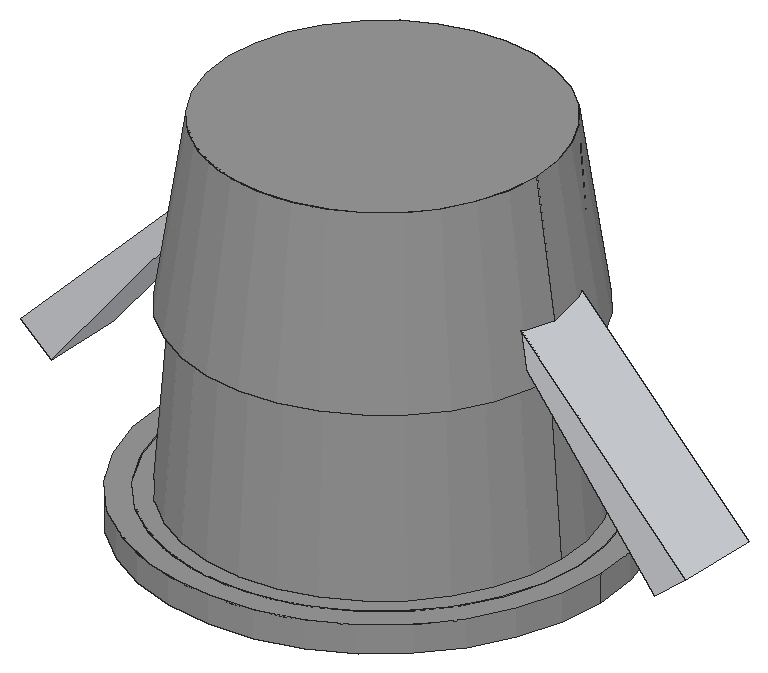
Revit family "KEPLER-DOWN_LIGHT_LED_6W_O85+connect_19_4000K", category Lighting Fixtures, host Ceiling, Revit 2021
Family settings
  Host = Ceiling
  Round Connector Dimension = Use Diameter
  Part Type = Normal
  OmniClass Number = 23.80.70.11
  OmniClass Title = Luminaries for Internal Lighting
  Always vertical = Yes
  Cut with Voids When Loaded = No
  Light Source = Yes
  Shared = No
  Room Calculation Point = No
Parameters
  Wattage = 3.45357 W
  built-in parameter 1150110 = 1 (stored number, unit not read)
  URL = "https://www.lucera.fr/"
  built-in parameter 1114217 = 1 (stored number, unit not read)
  Tilt Angle = 90.00°
  built-in parameter 1150109 = 1 (stored number, unit not read)
  built-in parameter 1150134 = 12
  built-in parameter 1150113 = 1 (stored number, unit not read)
  SDCM = "3"
  Puissance nominale = "6W"
  Photometric Web File = "google_eulumdat_converter.ies"
  Matériau = "Aluminium"
  Manufacturer = "Lucera - Lucera (c) 06/01/2021 16:39:50 +01:00"  # constant formula
  Maintien du flux = "L80B10 (50 000 heures)"
  Lumens = 513 lm
  built-in parameter 1150115 = 1 (stored number, unit not read)
  built-in parameter 1150105 = 40.823 (stored number, unit not read)
  built-in parameter 1150137 = (empty or 0)
  built-in parameter 1150139 = (empty or 0)
  built-in parameter 1150112 = 1 (stored number, unit not read)
  built-in parameter 1150114 = 1 (stored number, unit not read)
  Lamp = "LED TYF-COB Bridgelux 2630"
  built-in parameter 1150132 = 2
  built-in parameter 1150102 = (empty or 0)
  built-in parameter 1150138 = (empty or 0)
  built-in parameter 1150107 = 4000 (stored number, unit not read)
  built-in parameter 1150106 = 0.40823 (stored number, unit not read)
  IRC = ">90"
  built-in parameter 1150104 = 13.8 (stored number, unit not read)
  Durée de vie = "50 000 heures"
  Driver = "Driver Lifud TUV CE CCC"
  Dimming Lamp Color Temperature Shift = <None>
  Dimensions = "Ø 85 mm, H = 70 mm"
  Dimension découpe = "Ø 75-80 mm"
  Default Elevation = 0.00 mm
  Couleur = "Blanc"
  Color Filter = 16777215
  built-in parameter 1114218 = 1 (stored number, unit not read)
  built-in parameter 1150133 = 10 (stored number, unit not read)
  Angle d'éclairage = "38°"
  Alimentation luminaire = "25-42V dc / 135mA"
  Alimentation Driver = "AC 220-240V"
Reference planes
  plane 1 "Light Source Axis (F/B)": y = 0
  plane 2 "Ceiling": z = 2438.4
  plane 3 "Light Source Axis (L/R)": x = 0
  plane 4 "Light Source Elevation": z = 2427.273
Forms (mm)
  Extrusion 1, solid, material "Aluminum, Blanc"
    sketch origin (0, 0, 2427.273) x (0, -1, 0) y (1, 0, 0)
      loop
        circle (0, 0) r 42.5
      loop
        circle (0, 0) r 38.229
    from 6.127 to 11.127
  Blend 2, solid, material "Aluminum, Blanc"
    base sketch origin (0, 0, 2427.273) x (0, -1, 0) y (1, 0, 0)
      loop
        circle (0, 0) r 35
    top sketch origin (0, 0, 2427.273) x (0, -1, 0) y (1, 0, 0)
      loop
        circle (0, 0) r 30
    from 11.127 to 76.127
  Extrusion 3, solid
    sketch origin (0, 0, 0) x (1, 0, 0) y (0, 0, 1)
      loop
        line (-32.116, 2481.263) -> (-64.929, 2448.45) -> (-58.78, 2443.471) -> (-32.116, 2476.398) -> (-32.116, 2481.263)
    from -7.978 to 7.172
  Extrusion 4, solid
    sketch origin (0, 0, 0) x (-1, 0, 0) y (0, 0, -1)
      loop
        line (-32.116, -2481.263) -> (-32.116, -2476.398) -> (-58.78, -2443.471) -> (-64.929, -2448.45) -> (-32.116, -2481.263)
    from -7.978 to 7.172
  Blend 5, solid, material "Aluminum, Gris"
    base sketch origin (0.011, 0, 2427.273) x (0, -1, 0) y (1, 0, 0)
      loop
        circle (0, 0) r 35
    top sketch origin (0.011, 0, 2427.273) x (0, -1, 0) y (1, 0, 0)
      loop
        circle (0, 0) r 30
    from 43.535 to 76.127
  Extrusion 6, solid, material "Glass, White, High Luminance"
    sketch origin (0, 0, 2427.273) x (0, -1, 0) y (1, 0, 0)
      loop
        circle (0, 0) r 38.229
    from 6.127 to 11.127
Lines and regions (mm)
  reference lines
    curve 1: line (0, 0, 2427.273) -> (42.5, 0, 2427.273)
    curve 2: line (0, 0, 2433.4) -> (0, 0, 2503.4)
Dimensions and locks
  equal spacing: host sketch curve, plane 3 "Light Source Axis (L/R)", host sketch curve
  equal spacing: host sketch curve, plane 1 "Light Source Axis (F/B)", host sketch curve
  host sketch curve to host sketch curve = 3048.00 mm  (x2)
  aligned and locked: plane 1 "Light Source Axis (F/B)" to imposter light
  aligned and locked: plane 4 "Light Source Elevation" to imposter light
